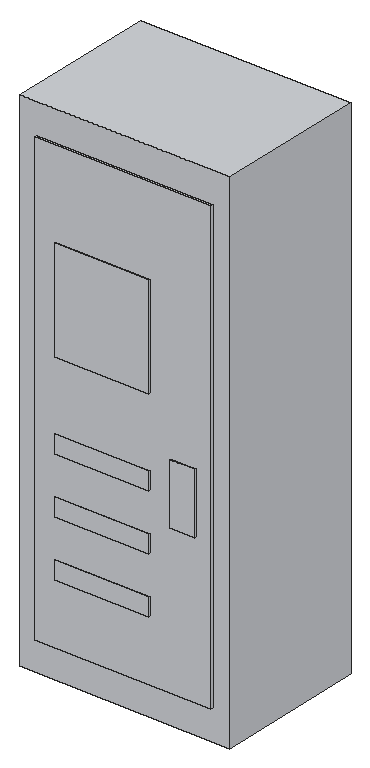
Revit family "GIS_AuxiliaryPanelAC", category Equipamento elétrico, Revit 2027
Family settings
  Configuração do painel = Duas colunas, circuitos transversais
  Cota do conector redondo = Utilizar diâmetro
  Tipo de parte = Painel de controle
  Com base no plano de trabalho = Não
  Sempre na vertical = Sim
  Corte com vazios quando carregada = Não
  Manter orientação da anotação = Não
  Compartilhado = Não
  Ponto de cálculo do ambiente = Não
Parameters (values of type "AUX_PANEL_380VAC_STUDY")
  Default Elevation = 0 mm
  built-in parameter 1140142 [instance] = (empty or 0)
  built-in parameter 1140140 [instance] = 1 (stored number, unit not read)
  BIM_TensaoSecundaria_kV = 0
  BIM_TensaoNominal_kV = 0.38
  BIM_TensaoClasse_kV = 0.38
  BIM_TensaoClasseSecundaria_kV = 0
  BIM_Sistema_Elemento [instance] = ""
  BIM_ReferenciaCatalogo = "Portfolio study assumption: 380 V AC; utility and load schedule pending"
  BIM_Profundidade = 650 mm
  BIM_Potencia_MVA = 0
  BIM_Localizacao [instance] = ""
  BIM_Largura = 900 mm
  BIM_Impedancia_pu = 0
  BIM_FonteGeometria = "Portfolio study assumption: 380 V AC; utility and load schedule pending"
  BIM_Fabricante = "NAO SELECIONADO"
  BIM_EstadoGeometria = "ESTIMATED"
  BIM_EstadoEspecificacao = "PREMISSA / NAO SELECIONADO"
  BIM_DescricaoEstudo = "Quadro de servicos auxiliares CA conceitual; 380 V e premissa nao aprovada."
  BIM_CorrenteReferenciaSecundaria_A = 0
  BIM_CorrenteNominal_A = 0
  BIM_Bay [instance] = ""
  BIM_AlturaCorpoPrincipal = 2200 mm
  BIM_Altura = 2200 mm
  built-in parameter 1155100 [instance] = (empty or 0)
Reference planes
  plane 1 "Centro (Frente/Trás)": y = 0
  plane 2: z = 0
  plane 3 "Centro (Esquerda/Direita)": x = 0
  plane 4 "BIM Left": x = -450
  plane 5 "BIM Right": x = 450
  plane 6 "BIM Front": y = -325
  plane 7 "BIM Back": y = 325
Forms (mm)
  Extrusion 1, solid
    sketch origin (0, 0, 0) x (1, 0, 0) y (0, 1, 0)
      loop
        line (-450, -325) -> (450, -325) -> (450, 325) -> (-450, 325) -> (-450, -325)
    from 0 to 2200 <- "BIM_AlturaCorpoPrincipal"
  Extrusion 2, solid
    sketch origin (0, 0, 132) x (1, 0, 0) y (0, 1, 0)
      loop
        line (-378, -337.192) -> (378, -337.192) -> (378, -325) -> (-378, -325) -> (-378, -337.192)
    from 0 to 1936
  Extrusion 3, solid
    sketch origin (0, 0, 1254) x (1, 0, 0) y (0, 1, 0)
      loop
        line (-288, -343.288) -> (117, -343.288) -> (117, -325) -> (-288, -325) -> (-288, -343.288)
    from 0 to 440
  Extrusion 4, solid
    sketch origin (0, 0, 396) x (1, 0, 0) y (0, 1, 0)
      loop
        line (-288, -341.764) -> (117, -341.764) -> (117, -325) -> (-288, -325) -> (-288, -341.764)
    from 0 to 77
  Extrusion 5, solid
    sketch origin (0, 0, 638) x (1, 0, 0) y (0, 1, 0)
      loop
        line (-288, -341.764) -> (117, -341.764) -> (117, -325) -> (-288, -325) -> (-288, -341.764)
    from 0 to 77
  Extrusion 6, solid
    sketch origin (0, 0, 880) x (1, 0, 0) y (0, 1, 0)
      loop
        line (-288, -341.764) -> (117, -341.764) -> (117, -325) -> (-288, -325) -> (-288, -341.764)
    from 0 to 77
  Extrusion 7, solid
    sketch origin (0, 0, 770) x (1, 0, 0) y (0, 1, 0)
      loop
        line (207, -341.764) -> (315, -341.764) -> (315, -325) -> (207, -325) -> (207, -341.764)
    from 0 to 264
Dimensions and locks
  "BIM_Largura": plane 4 "BIM Left" to plane 5 "BIM Right"
  "BIM_Profundidade": plane 6 "BIM Front" to plane 7 "BIM Back"
  aligned and locked: level to plane 2
  aligned and locked: plane 4 "BIM Left" to Extrusion 1
  aligned and locked: Extrusion 1 to plane 5 "BIM Right"
  aligned and locked: Extrusion 1 to plane 6 "BIM Front"
  aligned and locked: plane 7 "BIM Back" to Extrusion 1
Automatic sketch dimensions
  Extrusion 1 sketch curve to plane 4 "BIM Left" = 0 mm
  Extrusion 1 sketch curve to plane 5 "BIM Right" = 0 mm
  Extrusion 1 sketch curve to plane 6 "BIM Front" = 0 mm
  Extrusion 1 sketch curve to plane 7 "BIM Back" = 0 mm
  Extrusion 2 sketch curve to plane 6 "BIM Front" = 0 mm
  Extrusion 2 sketch curve to plane 6 "BIM Front" = 12.192 mm
  Extrusion 2 sketch curve to plane 4 "BIM Left" = 72 mm
  plane 5 "BIM Right" to Extrusion 2 sketch curve = 72 mm
  Extrusion 3 sketch curve to plane 6 "BIM Front" = 0 mm
  Extrusion 3 sketch curve to plane 6 "BIM Front" = 18.288 mm
  Extrusion 3 sketch curve to plane 4 "BIM Left" = 162 mm
  plane 3 "Centro (Esquerda/Direita)" to Extrusion 3 sketch curve = 117 mm
  Extrusion 4 sketch curve to plane 6 "BIM Front" = 0 mm
  Extrusion 4 sketch curve to plane 6 "BIM Front" = 16.764 mm
  Extrusion 4 sketch curve to plane 4 "BIM Left" = 162 mm
  plane 3 "Centro (Esquerda/Direita)" to Extrusion 4 sketch curve = 117 mm
  Extrusion 5 sketch curve to plane 6 "BIM Front" = 0 mm
  Extrusion 5 sketch curve to plane 6 "BIM Front" = 16.764 mm
  Extrusion 5 sketch curve to plane 4 "BIM Left" = 162 mm
  plane 3 "Centro (Esquerda/Direita)" to Extrusion 5 sketch curve = 117 mm
  Extrusion 6 sketch curve to plane 6 "BIM Front" = 0 mm
  Extrusion 6 sketch curve to plane 6 "BIM Front" = 16.764 mm
  Extrusion 6 sketch curve to plane 4 "BIM Left" = 162 mm
  plane 3 "Centro (Esquerda/Direita)" to Extrusion 6 sketch curve = 117 mm
  Extrusion 7 sketch curve to plane 6 "BIM Front" = 0 mm
  Extrusion 7 sketch curve to plane 6 "BIM Front" = 16.764 mm
  plane 3 "Centro (Esquerda/Direita)" to Extrusion 7 sketch curve = 207 mm
  Extrusion 7 sketch curve to Extrusion 7 sketch curve = 108 mm
Connectors
  electrical at (-450, 0, 1100)
    settings: on Extrusion 1, index 1, voltage 380 V, apparent load 0 VA, apparent load phase1 0 VA, apparent load phase2 0 VA, apparent load phase3 0 VA, power factor 1, load classification "Outro", number of poles 3, system type 6, power factor state 1, is connector primary yes, connector utility no, sub classification motor no, connector description "Porta de entrada CA do sistema auxiliar QAC-01 a UPS-01; sistema logico; sem fio fisico 3D."
